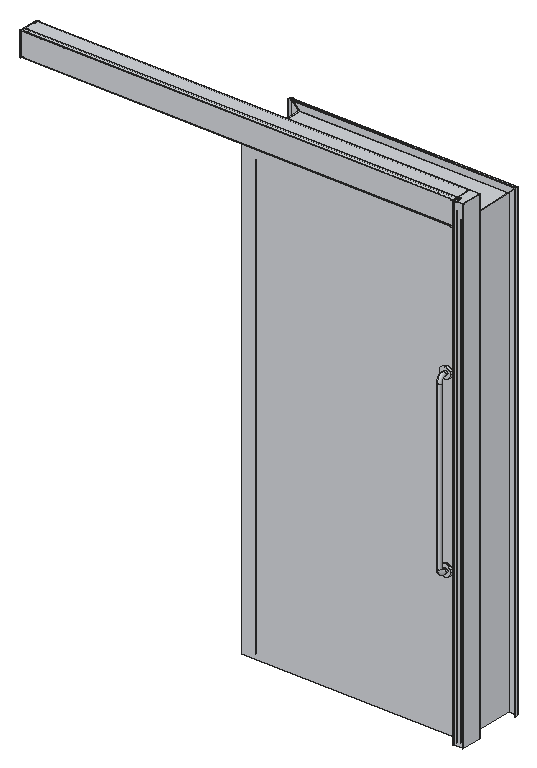
Revit family "R0000105", category Türen, Revit 2021 (continued)
Definition of nested family "BOS-Anschlagprofil-(w)SvdW-D(SK2)_Modell-21"
  Forms (mm)
    Sweep 1, solid, material <- "Material - Zarge"
      profile "BOS-(w)SvdW-D-Anschlagprofil_Profil-21 : BOS-(w)SvdW-D-Anschlagprofil_Profil-21" origin (95.347, -79.653, 1100.504) x (-1, 0, 0) y (0, -1, 0)
        loop
          arc (0, 73.75) -> (-1.365, 72.505) -> (-2.479, 73.979) r 1.25
          line (-2.479, 73.979) -> (-1.551, 78.949)
          arc (-1.551, 78.949) -> (-2.192, 81.417) -> (-4.5, 82.5) r 3
          line (-4.5, 82.5) -> (-12.5, 82.5)
          arc (-12.5, 82.5) -> (-14.268, 81.768) -> (-15, 80) r 2.5
          line (-15, 80) -> (-15, 71) -> (-13.5, 71) -> (-13.5, 80)
          arc (-13.5, 80) -> (-13.207, 80.707) -> (-12.5, 81) r 1
          line (-12.5, 81) -> (-4.5, 81)
          arc (-4.5, 81) -> (-3.346, 80.458) -> (-3.025, 79.225) r 1.5
          line (-3.025, 79.225) -> (-3.953, 74.255)
          arc (-3.953, 74.255) -> (-1.504, 71.012) -> (1.5, 73.75) r 2.75
          line (1.5, 73.75) -> (1.5, 92)
          arc (1.5, 92) -> (0.621, 94.121) -> (-1.5, 95) r 3
          line (-1.5, 95) -> (-42, 95)
          arc (-42, 95) -> (-44.121, 94.121) -> (-45, 92) r 3
          line (-45, 92) -> (-45, 3)
    Extrusion 2, solid, material <- "Material - Zarge"
      sketch origin (39.49, -1524, 2203.004) x (-1, 0, 0) y (0, -1, 0)
        loop
          line (-100.857, -1443.347) -> (-99.857, -1444.347) -> (-55.357, -1444.347) -> (-54.357, -1443.347) -> (-54.357, -1350.347) -> (-55.357, -1349.347) -> (-99.857, -1349.347) -> (-100.857, -1350.347) -> (-100.857, -1443.347)
      from -2 to 0
    Sweep 3, solid, material <- "Material - Dichtung", visible <- "Dichtungsprofil 16 mm", detail levels medium+fine
      path origin (0, -79.653, 0) x (1, 0, 0) y (0, 0, 1)
        loop
          line (95.347, 0.004) -> (95.347, 2201.004)
      profile "BOS-Dichtungsprofil-16mm_Profil-21 : BOS-Dichtungsprofil-16mm_Profil-21" origin (95.347, -79.653, 1100.504) x (-1, 0, 0) y (0, -1, 0)
        loop
          line (-11.49, 71.955) -> (-5.232, 71.955) -> (-5.232, 79.507) -> (-11.49, 79.507) -> (-11.49, 71.955)
        loop
          arc (-13.397, 66.728) -> (-13.433, 65.671) -> (-12.616, 65) r 1.195
          arc (-12.616, 65) -> (-5.502, 66.11) -> (0.599, 69.933) r 17.9
          arc (0.599, 69.933) -> (0.629, 70.595) -> (0.068, 70.947) r 0.658
          line (0.068, 70.947) -> (-2.778, 71.041)
          arc (-2.778, 71.041) -> (-3.812, 71.491) -> (-4.237, 72.534) r 1.494
          line (-4.237, 72.534) -> (-4.237, 78.801)
          arc (-4.237, 78.801) -> (-3.196, 78.617) -> (-3.161, 79.674) r 0.7
          line (-3.161, 79.674) -> (-4.591, 81) -> (-12.115, 81) -> (-13.159, 80.378)
          arc (-13.159, 80.378) -> (-13.414, 79.44) -> (-12.486, 79.151) r 0.7
          line (-12.486, 79.151) -> (-12.486, 76.312) -> (-13.18, 75.941)
          arc (-13.18, 75.941) -> (-13.457, 74.977) -> (-12.486, 74.726) r 0.7
          line (-12.486, 74.726) -> (-12.486, 72.294)
          arc (-12.486, 72.294) -> (-13.515, 71.313) -> (-12.311, 70.559) r 0.9
          line (-12.311, 70.559) -> (-10.074, 68.857) -> (-13.397, 66.728)
        loop
          line (-5.05, 70.959) -> (-11.873, 70.959) -> (-9.84, 69.412)
          arc (-9.84, 69.412) -> (-9.486, 68.693) -> (-9.846, 67.977) r 0.899
          line (-9.846, 67.977) -> (-12.108, 66.286)
          arc (-12.108, 66.286) -> (-6.877, 66.989) -> (-2.387, 69.764) r 12.661
          arc (-2.387, 69.764) -> (-3.887, 69.986) -> (-5.05, 70.959) r 2.794
    Sweep 4, solid, material <- "Material - Dichtung", visible <- "1-Kammer-Dichtung", detail levels medium+fine
      path origin (0, -79.653, -45.188) x (1, 0, 0) y (0, 0, 1)
        loop
          line (95.347, 45.192) -> (95.347, 2246.192)
      profile "BOS-1-Kammer-Dichtung_Profil-21 : BOS-1-Kammer-Dichtung_Profil-21" origin (95.347, -79.653, 1100.504) x (-1, 0, 0) y (0, -1, 0)
        loop
          arc (-5.267, 78.15) -> (-5.458, 78.692) -> (-5.917, 79.039) r 1
          arc (-5.917, 79.039) -> (-8.092, 79.593) -> (-10.336, 79.67) r 10.455
          arc (-10.336, 79.67) -> (-11, 79.355) -> (-11.27, 78.672) r 1
          line (-11.27, 78.672) -> (-11.27, 71.066)
          arc (-11.27, 71.066) -> (-11.141, 70.694) -> (-10.809, 70.482) r 0.6
          line (-10.809, 70.482) -> (-5.623, 69.247)
          arc (-5.623, 69.247) -> (-5.195, 69.365) -> (-4.965, 69.744) r 0.6
          line (-4.965, 69.744) -> (-5.267, 78.15)
        loop
          arc (-4.488, 67) -> (-1.221, 68.096) -> (0.04, 71.303) r 4.077
          arc (0.04, 71.303) -> (-1.335, 70.866) -> (-2.771, 70.722) r 6.946
          arc (-2.771, 70.722) -> (-3.551, 71.108) -> (-3.89, 71.91) r 1.25
          line (-3.89, 71.91) -> (-4.174, 78.14)
          arc (-4.174, 78.14) -> (-3.415, 78.148) -> (-3.451, 78.907) r 0.527
          arc (-3.451, 78.907) -> (-8.117, 80.831) -> (-13.158, 80.584) r 11.56
          arc (-13.158, 80.584) -> (-13.485, 80.089) -> (-13.038, 79.698) r 0.451
          line (-13.038, 79.698) -> (-12.22, 79.698) -> (-12.22, 76.453) -> (-13.19, 76.078)
          arc (-13.19, 76.078) -> (-13.474, 75.57) -> (-13.026, 75.198) r 0.456
          line (-13.026, 75.198) -> (-12.22, 75.198) -> (-12.22, 70.795) -> (-13.175, 70.539)
          arc (-13.175, 70.539) -> (-13.466, 70.138) -> (-13.219, 69.709) r 0.456
          arc (-13.219, 69.709) -> (-11.973, 68.852) -> (-10.55, 68.339) r 5.907
          line (-10.55, 68.339) -> (-4.488, 67)
  Dimensions and locks
    "BE Bodeneinstand": plane 2 "OFF" to plane 5
    "Elementlänge": plane 4 to plane 2 "OFF"
    plane 4 to plane 6 = 2 mm
    aligned and locked: plane 2 "OFF" to level
    aligned and locked: plane 3 "LDB links/rechts" to Sweep 1 sketch curve
    aligned and locked: plane 5 to Sweep 1 sketch curve
    aligned and locked: plane 6 to Sweep 1 sketch curve
    aligned and locked: plane 3 "LDB links/rechts" to Sweep 3 sketch curve
    aligned and locked: plane 2 "OFF" to Sweep 3 sketch curve
    aligned and locked: plane 6 to Sweep 3 sketch curve
    aligned and locked: plane 3 "LDB links/rechts" to Sweep 4 sketch curve
    aligned and locked: plane 6 to Sweep 4 sketch curve
    aligned and locked: plane 2 "OFF" to Sweep 4 sketch curve
  Automatic sketch dimensions
    plane 1 "Vorne" to Extrusion 2 sketch curve = 0 mm
    plane 1 "Vorne" to Extrusion 2 sketch curve = 1 mm  (x2)
    plane 3 "LDB links/rechts" to Extrusion 2 sketch curve = 45 mm
    Extrusion 2 sketch curve to Extrusion 2 sketch curve = 1 mm  (x4)
    Extrusion 2 sketch curve to plane 3 "LDB links/rechts" = 0.5 mm  (x2)
    Extrusion 2 sketch curve to Extrusion 2 sketch curve = 93 mm
    Extrusion 2 sketch curve to Extrusion 2 sketch curve = 0 mm
Definition of nested family "BOS-Info-Texte_Beschriftung-21"
  Parameters (values of type "Drückerhöhe Warnung")
    Unten = yes
    Schwarz = yes
    Rot = no
    Oben = no
    Info-Text En unten = "Please take the handle depth/height and/or DIN opening direction into account!"
    Info-Text De unten = "Drückertiefen/-höhen und/oder DIN Richtungen beachten/anpassen!"
    Info-Text En oben = "Kein Text"
    Englisch unten rot = and(and(Unten, Englisch), Rot)  # no
    Englisch unten schwarz = and(and(Unten, Englisch), Schwarz)  # no
    Englisch oben rot = and(and(Oben, Englisch), Rot)  # no
    Englisch oben schwarz = and(and(Oben, Englisch), Schwarz)  # no
    Info-Text De oben = "Kein Text"
    Warndreieck = yes
    Fehlerkreis = no
    Englisch = no
    Deutsch unten rot = and(and(Unten, Deutsch), Rot)  # no
    Deutsch unten schwarz = and(and(Unten, Deutsch), Schwarz)  # yes
    Deutsch oben rot = and(and(Oben, Deutsch), Rot)  # no
    Deutsch oben schwarz = and(and(Oben, Deutsch), Schwarz)  # no
    Deutsch = not(Englisch)  # yes
    Ausrufezeichen = "!"
  Types (15, lengths in mm): name | Unten | Schwarz | Rot | Oben | Info-Text En unten | Info-Text De unten | Info-Text En oben | Info-Text De oben | Warndreieck | Fehlerkreis | Deutsch unten schwarz | Deutsch oben rot | Deutsch oben schwarz
    Rechtliche Hinweise | no | yes | no | yes | "Kein Text" | "Kein Text" | "In accordance with the protection note according to DIN 34, the ownership and copyrights are reserved!\r\n© 2016 BOS GmbH, Emsdetten, Germany -\r\nObserve the ISO 16016 protective label (see ID data)!\r\n\r\nSubject to technical change!" | "Entsprechend dem Schutzvermerk nach DIN 34 behalten wir uns Eigentum und Urheberrecht vor!\r\n© 2016 BOS GmbH, Emsdetten, Deutschland -\r\nSchutzvermerk ISO 16016 beachten (siehe ID-Daten)!\r\n\r\nTechnische Änderungen vorbehalten!" | no | no | no | no | yes
    Maulweite Fehlermeldung | no | yes | no | yes | "Kein Text" | "Kein Text" | "Check the wall thickness!" | "Wandstärke prüfen!" | no | yes | no | no | yes
    Verstellbereich | no | yes | no | yes | "Kein Text" | "Kein Text" | "Adjustment area from -5 to +15mm,\r\nother adjustment areas possible" | "Verstellbereich von -5 bis +15mm\r\nanderer Verstellbereich möglich" | no | no | no | no | yes
    Verstellbereich wSvdW | no | yes | no | yes | "Kein Text" | "Kein Text" | "Adjustment area in the soffit from -2 to +15mm,\r\nother adjustment areas possible" | "Verstellbereich in der Zargenleibung von -2 bis +15mm\r\nanderer Verstellbereich möglich" | no | no | no | no | yes
    Wandartauswahl 15Nz15Z | no | yes | no | yes | "Kein Text" | "Kein Text" | "Attention for stud walls: underlay from site required!\r\nFor DIN door leaves, select larger structural wall measurements.\r\nFor selection \"stud walls\":\r\nsee 'Features' (remove tick for brick walls)" | "Achtung bei Ständerwerk: bauseitige Unterfütterung erforderlich!\r\nBei DIN-Türblatt Rohbaumaße größer wählen.\r\nFür Auswahl \"Ständerwerk\": \r\nsiehe 'Eigenschaften' (Häkchen entfernen bei Mauerwerk)." | no | no | no | no | yes
    Technische Hinweise | no | yes | no | yes | "Kein Text" | "Kein Text" | "Due to manufacturing reasons this Revit family may not be changed\r\nwithout consulting BOS!\r\n\r\nDo not mirror frames (door list)!\r\nsee ‘Features’: DIN left / DIN right\r\n\r\nThe solid and stud walls or, for example, their profiles,\r\nmust be designed so that they can reliably and sustainably\r\nabsorb the static and dynamic forces resulting\r\nfrom the load on the door element used." | "Diese Revit-Familie darf aus fertigungstechnischen Gründen\r\nnicht ohne Rücksprache mit BOS abgeändert werden!\r\n\r\nZargen nicht spiegeln (Türliste)!\r\nsiehe 'Eigenschaften': DIN links / DIN rechts\r\n\r\nDie Massiv- und Ständerwerkswände bzw. deren Profile\r\nmüssen so ausgebildet sein, dass sie die statischen\r\nund dynamischen Kräfte, welche sich aus der Belastung\r\ndes verwendeten Türelements ergeben, zuverlässig\r\nund nachhaltig aufnehmen können." | no | no | no | no | yes
    Drückerhöhe Warnung | yes | yes | no | no | "Please take the handle depth/height and/or DIN opening direction into account!" | "Drückertiefen/-höhen und/oder DIN Richtungen beachten/anpassen!" | "Kein Text" | "Kein Text" | yes | no | yes | no | no
    Maulweite-Dehnungsfuge Fehlermeldung | no | yes | no | yes | "Kein Text" | "Kein Text" | "Check the wall thickness and/or expansion joint!" | "Wandstärke und/oder Dehnungsfuge prüfen!" | no | yes | no | no | yes
    Technische Hinweise Norm | no | yes | no | yes | "Kein Text" | "Kein Text" | "Due to manufacturing reasons this Revit family may not be changed\r\nwithout consulting BOS!\r\n\r\nThe solid and stud walls or, for example, their profiles,\r\nmust be designed so that they can reliably and sustainably\r\nabsorb the static and dynamic forces resulting\r\nfrom the load on the door element used." | "Diese Revit-Familie darf aus fertigungstechnischen Gründen\r\nnicht ohne Rücksprache mit BOS abgeändert werden!\r\n\r\nDie Massiv- und Ständerwerkswände bzw. deren Profile\r\nmüssen so ausgebildet sein, dass sie die statischen\r\nund dynamischen Kräfte, welche sich aus der Belastung\r\ndes verwendeten Türelements ergeben, zuverlässig\r\nund nachhaltig aufnehmen können." | no | no | no | no | yes
    Maßauswahl | no | no | yes | yes | "Kein Text" | "Kein Text" | "To choose  Rebate Width/Height Measurement, Receiving Opening\r\nsee 'Features'" | "Auswahl von FMB, FMH, MW\r\nunter 'Eigenschaften'" | no | no | no | yes | no
    Rohbaumaß Warnung (Spiegelbreiten) | no | yes | no | yes | "Kein Text" | "Kein Text" | "For DIN door leaves, select larger structural wall measurements!\r\nWhen changing the architrave widths, the structural measurements change accordingly." | "Bei DIN-Türblatt Rohbaumaße größer wählen!\r\nBei Änderung der Spiegelbreiten, Rohbaumaße beachten." | no | no | no | no | yes
    Drehpunkt Warnung | no | yes | no | yes | "Kein Text" | "Kein Text" | "The actual pivot point of the door leaf\r\nmay differ from the one illustrated!" | "Der tatsächliche Drehpunkt des Türblattes\r\nkann von der Darstellung abweichen!" | no | no | no | no | yes
    Türblattgewicht Hinweis | no | yes | no | yes | "Kein Text" | "Kein Text" | "Attention! Take door leaf weight into account!\r\nSee Webseite" | "Achtung! Türblattgewicht beachten!\r\nSiehe Webseite" | no | no | no | no | yes
    Pendeltürbänder Hinweis | no | yes | no | yes | "Kein Text" | "Kein Text" | "Please observe the instructions for the double action spring hinges\r\ngiven by the door hinge manufacturer Frivado\r\nregarding door leaf width, height and thickness!" | "Die Angaben zu den Pendeltürbändern\r\ndes Herstellers Fridavo beachten: zu \r\nTürblattbreite, -höhe, -dicke und -gewicht!" | no | no | no | no | yes
    Rohbaumaß Warnung | no | yes | no | yes | "Kein Text" | "Kein Text" | "For DIN door leaves, select larger structural wall measurements!" | "Bei DIN-Türblatt Rohbaumaße größer wählen!" | no | no | no | no | yes
  Reference planes
    plane 1: y = 0.955
    plane 2: x = 0
  Lines and regions (mm)
    Filled region 1, type "Gefüllter Bereich Gelb", visible <- "Warndreieck"
      outline origin (-7.188, 1.747, 0) x (1, 0, 0) y (0, 1, 0)
        loop
          line (5.951, -3.033) -> (8.413, -3.033) -> (7.182, -0.9) -> (5.951, -3.033)
    Filled region 2, type "Gefüllter Bereich Rot", visible <- "Fehlerkreis"
      outline origin (0, -3.763, 0) x (1, 0, 0) y (0, 1, 0)
        loop
          circle (0, 3.1) r 1.5
        loop
          line (-0.937, 3.486) -> (-0.937, 2.686) -> (1.023, 2.686) -> (1.023, 3.486) -> (-0.937, 3.486)
    Filled region 3, type "Gefüllter Bereich Weiss", visible <- "Fehlerkreis"
      outline origin (-7.014, -2.062, 0) x (1, 0, 0) y (0, 1, 0)
        loop
          line (6.077, 1.785) -> (6.077, 0.985) -> (8.038, 0.985) -> (8.038, 1.785) -> (6.077, 1.785)
  Text (mm)
    label "Info-Text De oben schwarz" at (0.065, 1.415, 0), shows "Info-Text De oben", visible <- "Deutsch oben schwarz"
    label "!" at (0.065, -0.414, 0), shows "Ausrufezeichen", visible <- "Warndreieck"
    label "Info-Text En oben schwarz" at (0.065, 1.415, 0), shows "Info-Text En oben", visible <- "Englisch oben schwarz"
    label "Info-Text De unten schwarz" at (0.218, -2.468, 0), shows "Info-Text De unten", visible <- "Deutsch unten schwarz"
    label "Info-Text En unten schwarz" at (0.065, -2.419, 0), shows "Info-Text En unten", visible <- "Englisch unten schwarz"
    label "Info-Text En oben rot" at (0.065, 1.415, 0), shows "Info-Text En oben", visible <- "Englisch oben rot"
    label "Info-Text En unten rot" at (0.065, -2.419, 0), shows "Info-Text En unten", visible <- "Englisch unten rot"
    label "Info-Text De unten rot" at (0.065, -2.419, 0), shows "Info-Text De unten", visible <- "Deutsch unten rot"
    label "Info-Text De oben rot" at (-0.371, 1.396, 0), shows "Info-Text De oben", visible <- "Deutsch oben rot"
Definition of nested family "BOS-verkröpfter-Flachstahlanker-wSvdW_Detail-21"
  Parameters (values of type "BOS-verkröpfter-Flachstahlanker-wSvdW-links_Detail")
    Winkel vertikal = 28 mm
    Winkel horizontal = 20 mm
    Unterfütterungsabstand vorne = Putzwinkel vorne + 30 mm  # 47 mm
    Unterfütterungsabstand hinten = Putzwinkel hinten + 30 mm  # 45 mm
    URL = "www.BestOfSteel.de"
    Rechtliche Hinweise = "www.BestOfSteel.de/tools-downloads/bim-building-information-modeling"
    Putzwinkel vorne = 17 mm
    Technische Infos rund um die Stahlzarge = "www.BestOfSteel.de/tools-downloads/technische-infos-rund-um-die-stahlzarge"
    Putzwinkel hinten = 15 mm
    Manufacturer = "BOS GmbH Best Of Steel, Lütkenfelde 4, D-48282 Emsdetten"
    MW Maulweite = 200 mm
    Einfügepunkt = 32 mm
    Zargenblechstärke = 1.5 mm
    Description = "Verkröpfter Flachstahlanker für 2-schalige Schiebetür vor der Wand"
    Keynote = "BOS Detail"
    BOS-Architekten-Beratung = "Tel.: +49 (0) 2572 203-203; E-Mail: architekten@BestOfSteel.de"
    Ankerlasche vorne oben = 11 mm
    Ankerlasche hinten = MW Maulweite + if([Anker nach unten - links], -8 mm, 2 mm)  # 192 mm
    Ankerhöhe = 17.5 mm
    Ankerlasche vorne unten = 11 mm
    Ankerabstand vorne = if([Anker nach unten - links], 8 mm, 0 mm)  # 8 mm
    Anker nach unten - rechts = not([Anker nach unten - links])  # no
    Anker nach unten - links = yes
  Types (2): name
    BOS-verkröpfter-Flachstahlanker-wSvdW-rechts_Detail
    BOS-verkröpfter-Flachstahlanker-wSvdW-links_Detail
  Reference planes
    plane 1: y = 7.65
    plane 2: z = 0
    plane 3: x = 0
    plane 4: x = 32
    plane 5: y = 222.65
    plane 6: x = 13
    plane 7: y = 37.65
    plane 8: y = 177.65
    plane 9: y = -9.35
    plane 10: y = 106.65
    plane 11: y = 207.65
    plane 12: x = 30.5
    plane 13: x = 29
    plane 14: y = 15.65
    plane 15: y = 26.65
    plane 16: y = 207.65
    plane 17: y = 7.65
    plane 18: y = 18.65
  Lines and regions (mm)
    detail lines, in view "Ref.-Ebene"
      curve 1: line (0, 177.65, 0) -> (13, 177.65, 0)
      curve 2: line (0, 37.65, 0) -> (0, 177.65, 0)
      curve 3: line (13, 37.65, 0) -> (0, 37.65, 0)
      curve 4: line (13, 177.65, 0) -> (13, 37.65, 0)
      curve 5: line (0, 37.65, 0) -> (13, 177.65, 0)
      curve 6: line (0, 177.65, 0) -> (13, 37.65, 0)
      curve 7: arc (13, 19.65, 0) -> (14.172, 16.822, 0) -> (17, 15.65, 0) r 4
      curve 8: arc (16, 19.65, 0) -> (16.293, 18.943, 0) -> (17, 18.65, 0) r 1
      curve 11: line (13, 19.65, 0) -> (13, 207.65, 0)
      curve 12: line (13, 207.65, 0) -> (16, 207.65, 0)
      curve 13: line (16, 207.65, 0) -> (16, 19.65, 0)
      curve 17: line (26.5, 18.65, 0) -> (17, 18.65, 0)
      curve 18: line (26.5, 15.65, 0) -> (17, 15.65, 0)
      curve 24: line (26.5, 186.15, 0) -> (26.5, 216.15, 0)
      curve 25: line (27.5, 216.15, 0) -> (22.5, 216.15, 0)
      curve 26: line (22.5, 216.15, 0) -> (22.5, 221.15, 0)
      curve 27: line (22.5, 221.15, 0) -> (7.5, 221.15, 0)
      curve 28: line (7.5, 221.15, 0) -> (7.5, 191.15, 0)
      curve 29: line (7.5, 191.15, 0) -> (12.5, 196.15, 0)
      curve 30: line (12.5, 196.15, 0) -> (12.5, 216.15, 0)
      curve 31: line (12.5, 216.15, 0) -> (16.5, 216.15, 0)
      curve 32: line (16.5, 216.15, 0) -> (16.5, 196.15, 0)
      curve 33: line (16.5, 196.15, 0) -> (26.5, 186.15, 0)
      curve 34: line (26.5, 186.15, 0) -> (27.5, 186.15, 0)
      curve 35: line (27.5, 186.15, 0) -> (27.5, 216.15, 0)
    detail lines, in view "Ref.-Ebene", visible <- "Anker nach unten - links"
      curve 9: arc (30.5, 14.65, 0) -> (29.328, 17.479, 0) -> (26.5, 18.65, 0) r 4
      curve 10: arc (27.5, 14.65, 0) -> (27.207, 15.357, 0) -> (26.5, 15.65, 0) r 1
      curve 14: line (30.5, 14.65, 0) -> (30.5, 7.65, 0)
      curve 15: line (30.5, 7.65, 0) -> (27.5, 7.65, 0)
      curve 16: line (27.5, 7.65, 0) -> (27.5, 14.65, 0)
    detail lines, in view "Ref.-Ebene", visible <- "Anker nach unten - rechts"
      curve 19: line (30.5, 26.65, 0) -> (30.5, 19.65, 0)
      curve 20: arc (27.5, 19.65, 0) -> (27.207, 18.943, 0) -> (26.5, 18.65, 0) r 1
      curve 21: arc (30.5, 19.65, 0) -> (29.328, 16.822, 0) -> (26.5, 15.65, 0) r 4
      curve 22: line (27.5, 19.65, 0) -> (27.5, 26.65, 0)
      curve 23: line (27.5, 26.65, 0) -> (30.5, 26.65, 0)
    detail lines, in view "Ref.-Ebene", not visible
      curve 36: line (269.765, 541.197, 0) -> (269.765, 571.197, 0)
      curve 37: line (270.765, 571.197, 0) -> (265.765, 571.197, 0)
      curve 38: line (265.765, 571.197, 0) -> (265.765, 576.197, 0)
      curve 39: line (265.765, 576.197, 0) -> (250.765, 576.197, 0)
      curve 40: line (250.765, 576.197, 0) -> (250.765, 546.197, 0)
      curve 41: line (250.765, 546.197, 0) -> (255.765, 551.197, 0)
      curve 42: line (255.765, 551.197, 0) -> (255.765, 571.197, 0)
      curve 43: line (255.765, 571.197, 0) -> (259.765, 571.197, 0)
      curve 44: line (259.765, 571.197, 0) -> (259.765, 551.197, 0)
      curve 45: line (259.765, 551.197, 0) -> (269.765, 541.197, 0)
      curve 46: line (269.765, 541.197, 0) -> (270.765, 541.197, 0)
      curve 47: line (270.765, 541.197, 0) -> (270.765, 571.197, 0)
    reference lines, in view "Ref.-Ebene"
      curve 48: line (7.5, 222.65, 0) -> (29, 222.65, 0)
      curve 49: line (29, 186.15, 0) -> (29, 222.65, 0)
    reference lines, in view "Ref.-Ebene", not visible
      curve 50: line (250.765, 577.697, 0) -> (272.265, 577.697, 0)
      curve 51: line (272.265, 541.197, 0) -> (272.265, 577.697, 0)
  Dimensions and locks
    "Einfügepunkt": plane 3 to plane 4
    "Unterfütterungsabstand hinten": plane 5 to plane 8
    "Putzwinkel vorne": plane 9 to plane 1
    "Unterfütterungsabstand vorne": plane 9 to plane 7
    equal spacing: plane 5, plane 10, plane 9
    "Zargenblechstärke": plane 12 to plane 4
    "Putzwinkel hinten": plane 11 to plane 5
    "Zargenblechstärke": plane 13 to plane 12
    "Ankerhöhe": plane 6 to plane 12
    "MW Maulweite": plane 1 to plane 11
    plane 18 to plane 14 = 3 mm
    "Ankerlasche hinten": plane 16 to plane 14
    "Ankerlasche vorne unten": plane 18 to plane 17
    "Ankerlasche vorne oben": plane 15 to plane 14
    "Ankerabstand vorne": plane 14 to plane 1
    aligned and locked: curve 48 to plane 5
    aligned and locked: curve 49 to plane 13
  Automatic sketch dimensions
    curve 7 to curve 8 = 0 mm  (x2)
    curve 9 to curve 10 = 0 mm  (x2)
    curve 20 to curve 21 = 0 mm
    curve 1 to plane 3 = 0 mm
    curve 6 to plane 6 = 0 mm
    curve 11 to plane 6 = 0 mm
    curve 13 to plane 16 = 0 mm
    curve 18 to plane 14 = 0 mm
    curve 16 to plane 17 = 0 mm
    curve 22 to plane 15 = 0 mm
    curve 15 to plane 12 = 0 mm
    curve 5 to plane 7 = 0 mm
    curve 1 to plane 8 = 0 mm
    plane 13 to curve 10 = 2.5 mm
    curve 20 to curve 20 = 1 mm
    plane 6 to curve 18 = 4 mm
    curve 19 to plane 12 = 0 mm
    curve 48 to curve 49 = 21.5 mm
    curve 49 to curve 48 = 36.5 mm
    curve 50 to curve 51 = 21.5 mm
    curve 51 to curve 50 = 36.5 mm
    curve 28 to curve 30 = 5 mm
    curve 30 to curve 31 = 4 mm
    curve 31 to curve 27 = 6 mm
    curve 32 to curve 24 = 10 mm
    curve 24 to curve 34 = 1 mm
    curve 24 to curve 29 = 5 mm
    curve 28 to curve 29 = 5 mm
    curve 29 to curve 33 = 0 mm
    curve 32 to curve 25 = 20 mm
    curve 31 to curve 25 = 0 mm
    curve 25 to curve 27 = 5 mm
    curve 40 to curve 42 = 5 mm
    curve 42 to curve 43 = 4 mm
    curve 43 to curve 39 = 6 mm
    curve 44 to curve 36 = 10 mm
    curve 36 to curve 46 = 1 mm
    curve 36 to curve 41 = 5 mm
    curve 40 to curve 41 = 5 mm
    curve 41 to curve 45 = 0 mm
    curve 44 to curve 37 = 20 mm
    curve 43 to curve 37 = 0 mm
    curve 37 to curve 39 = 5 mm
Definition of nested family "BOS-Logo_Modell-21"
  Parameters (values of type "BOS-Logo_Modell-21")
    Default Elevation = 0 mm
    URL = "www.BestOfSteel.de"
    Rechtliche Hinweise = "www.BestOfSteel.de/tools-downloads/bim-building-information-modeling/"
    Description = "BOS Logo"
    Keynote = "BOS Logo"
    BOS-Architekten-Beratung = "Tel.: +49 (0) 2572 203-203; E-Mail: architekten@BestOfSteel.de"
    Technische Infos rund um die Stahlzarge = "www.BestOfSteel.de/tools-downloads/technische-infos-rund-um-die-stahlzarge/"
    Abstand vertikal = 10 mm
    Abstand horizontal = 8.5 mm
  Reference planes
    plane 1: y = 0
    plane 2: z = 0
    plane 3: x = 0
    plane 4: x = -7
    plane 5: x = 7
    plane 6: y = 8.299
    plane 7: x = 8.5
    plane 8: y = 4.15
    plane 9: x = -8.5
    plane 10: y = 14.15
    plane 11: y = -5.85
  Dimensions and locks
    plane 4 to plane 3 to plane 5 = 7 mm, 7 mm
    "Abstand vertikal": plane 11 to plane 8 to plane 10
    plane 6 to plane 8 to plane 1 = 4.15 mm, 4.15 mm
    "Abstand horizontal": plane 9 to plane 3
    "Abstand horizontal": plane 3 to plane 7
    aligned and locked: level to plane 2
